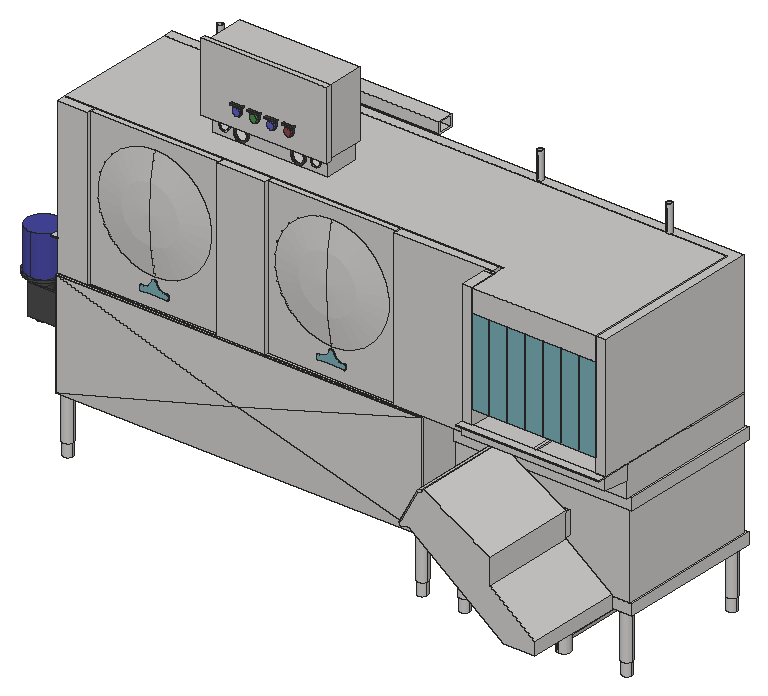
Revit family
Parameters (values of type "208/60/3")
  Width = 8' - 4"
  Weight in Pounds = 1800
  Watts = 25000 W
  Watermarked By = "http://revitwatermark.com"
  Waste Water Discharge Temperature [instance] = -459.67 °F
  Volts = 208 V
  Ventilation Remarks [instance] = ""
  URL Cutsheet = ""
  URL = "www.stero.com"
  Total Height = 5' - 10 1/2"
  Table Height = 2' - 10"
  Swing Doors [instance] = no
  Status [instance] = ""
  Standard Doors [instance] = not(Swing Doors)  # yes
  Specification by User [instance] = ""
  Specification by Manufacturer = ""
  Single Door Opening [instance] = if(Swing Doors, 2' 0", 1' 10 1/2")  # 1' - 10 1/2"
  Serial Number [instance] = ""
  Seismic Rating [instance] = ""
  SMACNA No [instance] = ""
  Right Ventilation Remarks [instance] = ""
  Right Vent [instance] = no
  Right Exhaust Volume [instance] = if(Right Vent, 200 CFM, 0 CFM)  # 0 CFM
  Right Exhaust Vent Width = 2' - 0 7/8"
  Right Exhaust Vent Text = "Vent, Load End"
  Right Exhaust Vent Depth = 0' - 3 7/8"
  Right Exhaust Static Press = 0.00 in-wg
  Right Exhaust RI Height [instance] = 0' - 0"
  Right Exhaust Item Number [instance] = "-"
  Right Drain [instance] = no
  Revision Code [instance] = ""
  Plumbing Remarks [instance] = ""
  Plumbing Connection Type [instance] = ""
  Phase = 3
  Number of Poles [instance] = 1
  No Left Vent [instance] = not(Left Vent)  # yes
  NAFEM Spec ID Number [instance] = ""
  Model = "ER-94SC"
  Masterspec = ""
  Manufacturer = "Stero"
  Machine Height = 4' - 7 1/2"
  Left Vent [instance] = no
  Left Drain [instance] = not(Right Drain)  # yes
  Item Number [instance] = "-"
  Installed By [instance] = ""
  Indirect Waste Size = 2"
  Indirect Waste Flow [instance] = 0.00 GPM
  Indirect Waste Connection Type [instance] = ""
  Indirect Waste Connection Height = 0' - 6"
  Hot Water Usage Rack = "- Gal/Rack"  # constant formula
  Hot Water Usage = "120.6 GPH"  # constant formula
  Hot Water Temperature = 180 °F
  Hot Water Size = 3/4"
  Hot Water RI Height [instance] = 0' - 0"
  Hot Water Minimum Pressure = 20.00 psi
  Hot Water Maximum Pressure = 20.00 psi
  Hot Water Flow = 2.01 GPM
  Hot Water Consumption = 2.01 GPM
  Hot Water Connection Height = 5' - 0"
  HP = "4.25"
  Furnished By [instance] = ""
  Foodservice Equipment Identifier [instance] = yes
  FL Amps = 83.6 A
  Exhaust Volume [instance] = if(Left Vent, 400 CFM, 0 CFM)  # 0 CFM
  Exhaust Vent Width = 0' - 3 7/8"
  Exhaust Vent Text = "Vent, Unload End"
  Exhaust Vent Depth = 2' - 0 7/8"
  Exhaust Static Press = 0.00 in-wg
  Exhaust RI Height [instance] = 0' - 0"
  Electrical Remarks [instance] = ""
  Electric Connection Type [instance] = ""
  Elec Conn RI Height [instance] = 0' - 0"
  Elec Conn Connection Height = 5' - 8 1/2"
  Description = "Dishwasher, Conveyor"
  Depth = 2' - 1"
  Cycle = 60 Hz
  Conn Conduit = yes
  Cold Water Temperature Recommended [instance] = -459.67 °F
  Cold Water Size = 3/4"
  Cold Water RI Height [instance] = 0' - 0"
  Cold Water Minimum Pressure [instance] = 0.00 psi
  Cold Water Maximum Pressure [instance] = 0.00 psi
  Cold Water Flow [instance] = 0.00 GPM
  Cold Water Consumption [instance] = ""
  Cold Water Connection Height = 5' - 0"
  CSI MasterFormat = "11 48 13"
  Building Plumbing Remarks [instance] = ""
  Building Hot Water Temperature = 140 °F
  Building Hot Water Size = 3/4"
  Building Hot Water RI Height [instance] = 0' - 0"
  Building Hot Water Minimum Pressure [instance] = 20.00 psi
  Building Hot Water Maximum Pressure [instance] = 20.00 psi
  Building Hot Water Flow [instance] = 0.00 GPM
  Building Hot Water Consumption [instance] = 2.00 GPM
  Building Hot Water Connection Height = 5' - 0"
  Building HW Item Number [instance] = "-"
  Assembly Code = "E1090320"
  Apparent Power = if(Phase = 3, Volts * FL Amps * 1.73, Volts * FL Amps)  # 30082.6 VA
Reference planes (in)
  plane 1: z = 0
  plane 2 "LEFT": x = 2.32772
  plane 3 "BACK": y = -48
  plane 4 "TOP": z = 70.5
  plane 5 "Right of Main Body": x = 66.32772
  plane 6 "FRONT": y = -73
  plane 7 "Left of Top": x = 2.57772
  plane 8 "Right of Top": x = 66.07772
  plane 9 "Left of Ledge": x = 1.07772
  plane 10 "Left End Cowl": x = -7.67228
  plane 11: x = -0.73478
  plane 12 "Bottom of Machine": z = 10
  plane 13 "Table Height": z = 34
  plane 14 "Top of Machine": z = 55.5
  plane 15 "Panel Top": z = 28.5
  plane 16: z = 12
  plane 17: y = -73.5
  plane 18: y = -47.5
  plane 19: x = 2.07772
  plane 20: x = 66.57772
  plane 21: y = -49.625
  plane 22: y = -71.375
  plane 23 "Door Center": x = 34.32772
  plane 24: x = 7.57772
  plane 25: x = 30.07772
  plane 26 "Top of Opening": z = 51.5
  plane 27: z = 2.25
  plane 28: x = 24.32772
  plane 29: x = 44.32772
  plane 30: x = 23.32772
  plane 31: x = 45.32772
  plane 32 "Front of Lower Panel": y = -66.5
  plane 33: y = -60.5
  plane 34: y = -67
  plane 35 "Back of Panel": y = -60
  plane 36 "Front of Upper Panel": y = -68
  plane 37: x = 23.82772
  plane 38: x = 44.82772
  plane 39: x = -7.54728
  plane 40: x = -4.60978
  plane 41: y = -48.0625
  plane 42: y = -72.9375
  plane 43 "Top of Vents": z = 59.5
  plane 44: x = 19.82772
  plane 45: x = 48.82772
  plane 46: y = -45
  plane 47: z = 57.5
  plane 48: y = -43
  plane 49: z = 84.5
  plane 50: x = 38.57772
  plane 51: x = 61.07772
  plane 52: x = 7.82772
  plane 53: x = 29.95272
  plane 54: x = 28.64022
  plane 55: x = 38.70272
  plane 56: x = 40.01522
  plane 57: x = 60.82772
  plane 58 "RIGHT": x = 102.32772
  plane 59: y = -77.75
  plane 60: y = -91
Forms (in)
  Extrusion 1, solid, material "QF_Finishes_Stainless Steel"
    sketch origin (0, 0, 10) x (0, 1, 0) y (-1, 0, 0)
      loop
        line (-47.5, -2.07772) -> (-73, -2.07772) -> (-73, -66.57772) -> (-47.5, -66.57772) -> (-47.5, -2.07772)
    from 0 to 2
  Extrusion 2, solid, material "QF_Finishes_Stainless Steel"
    sketch origin (0, 0, 28.5) x (0, 1, 0) y (-1, 0, 0)
      loop
        line (-48, -2.32772) -> (-73, -2.32772) -> (-73, -66.32772) -> (-48, -66.32772) -> (-48, -2.32772)
    from 0 to -16.5
  Extrusion 3, solid, material "QF_Finishes_Stainless Steel"
    sketch origin (0, 0, 34) x (0, 1, 0) y (-1, 0, 0)
      loop
        line (-48, -2.32772) -> (-48, -1.07772) -> (-73, -1.07772) -> (-73, -2.32772) -> (-48, -2.32772)
    from 0 to -0.125
  Extrusion 4, solid, material "QF_Finishes_Stainless Steel"
    sketch origin (0.625, 0, 34) x (0, 1, 0) y (-1, 0, 0)
      loop
        line (-48, -1.70272) -> (-71.375, -1.70272) -> (-71.375, -76.70272) -> (-73.5, -76.70272) -> (-73.5, -101.70272) -> (-48, -101.70272) -> (-48, -1.70272)
    from -0.25 to -5.5
  Extrusion 5, solid, material "QF_Finishes_Stainless Steel"
    sketch origin (0, -73, 0) x (-1, 0, 0) y (0, 0, 1)
      loop
        line (-2.32772, 55.5) -> (-7.57772, 55.5) -> (-7.57772, 28.5) -> (-2.32772, 28.5) -> (-2.32772, 55.5)
    from 0 to 1.625
  Blend 6, solid, material "QF_Finishes_Stainless Steel"
    base sketch origin (-15.01335, -74, 48) x (-1, 0, 0) y (0, 0, 1)
      loop
        line (-17.34107, -19.5) -> (-81.34107, -19.5) -> (-81.34107, -38) -> (-17.34107, -38) -> (-17.34107, -19.5)
    top sketch origin (-15.01335, -74, 48) x (-1, 0, 0) y (0, 0, 1)
      loop
        line (-49.37232, -28.71875) -> (-49.37232, -28.78125) -> (-49.30982, -28.78125) -> (-49.30982, -28.71875) -> (-49.37232, -28.71875)
    from 0.5 to 0
  Extrusion 7, solid, material "QF_Finishes_Stainless Steel"
    sketch origin (0, 0, 10) x (0, 1, 0) y (-1, 0, 0)
      loop
        line (-73, -2.32772) -> (-73.5, -2.32772) -> (-73.5, -66.32772) -> (-73, -66.32772) -> (-73, -2.32772)
    from 0 to 18.5
  Extrusion 8, solid, material "QF_Finishes_Stainless Steel"
    sketch origin (0, -73, 0) x (-1, 0, 0) y (0, 0, 1)
      loop
        line (-61.07772, 55.5) -> (-78.32772, 55.5) -> (-78.32772, 28.5) -> (-61.07772, 28.5) -> (-61.07772, 55.5)
    from 0 to 1.625
  Extrusion 9, solid, material "QF_Finishes_Stainless Steel", visible <- "Standard Doors"
    sketch origin (-15.5, 0, 55.5) x (0, 1, 0) y (-1, 0, 0)
      loop
        line (-71.375, -23.07772) -> (-72.5, -23.07772) -> (-72.5, -45.57772) -> (-71.375, -45.57772) -> (-71.375, -23.07772)
    from 0 to -27
  Extrusion 10, solid, material "QF_Finishes_Stainless Steel"
    sketch origin (0, 0, 0) x (1, 0, 0) y (0, 1, 0)
      loop
        circle (3.32772, -49) r 0.8125
    from 0 to 2.25
  Extrusion 11, solid, material "QF_Finishes_Stainless Steel"
    sketch origin (0, 0, 0) x (1, 0, 0) y (0, 1, 0)
      loop
        circle (3.32772, -49) r 0.9375
    from 2.25 to 10
  Extrusion 12, solid, material "QF_Finishes_Stainless Steel"
    sketch origin (48.65544, 0, 0) x (-1, 0, 0) y (0, -1, 0)
      loop
        circle (-16.67228, 49) r 0.8125
    from 0 to 2.25
  Extrusion 13, solid, material "QF_Finishes_Stainless Steel"
    sketch origin (48.65544, 0, 0) x (-1, 0, 0) y (0, -1, 0)
      loop
        circle (-16.67228, 49) r 0.9375
    from 2.25 to 10
  Extrusion 14, solid, material "QF_Finishes_Stainless Steel"
    sketch origin (0, -121, 0) x (1, 0, 0) y (0, 1, 0)
      loop
        circle (3.32772, 49) r 0.8125
    from 0 to 2.25
  Extrusion 15, solid, material "QF_Finishes_Stainless Steel"
    sketch origin (0, -121, 0) x (1, 0, 0) y (0, 1, 0)
      loop
        circle (3.32772, 49) r 0.9375
    from 2.25 to 10
  Extrusion 16, solid, material "QF_Finishes_Stainless Steel"
    sketch origin (48.65544, -121, 0) x (-1, 0, 0) y (0, -1, 0)
      loop
        circle (-16.67228, -49) r 0.8125
    from 0 to 2.25
  Extrusion 17, solid, material "QF_Finishes_Stainless Steel"
    sketch origin (48.65544, -121, 0) x (-1, 0, 0) y (0, -1, 0)
      loop
        circle (-16.67228, -49) r 0.9375
    from 2.25 to 10
  Extrusion 18, solid, material "QF_Finishes_Light Blue"
    sketch origin (48.65544, 0, 51.5) x (0, 1, 0) y (-1, 0, 0)
      loop
        line (-49.625, 46.32772) -> (-52.625, 46.32772) -> (-52.625, 46.20272) -> (-49.625, 46.20272) -> (-49.625, 46.32772)
      loop
        line (-52.75, 46.32772) -> (-55.75, 46.32772) -> (-55.75, 46.20272) -> (-52.75, 46.20272) -> (-52.75, 46.32772)
      loop
        line (-55.875, 46.32772) -> (-58.875, 46.32772) -> (-58.875, 46.20272) -> (-55.875, 46.20272) -> (-55.875, 46.32772)
      loop
        line (-59, 46.32772) -> (-62, 46.32772) -> (-62, 46.20272) -> (-59, 46.20272) -> (-59, 46.32772)
      loop
        line (-62.125, 46.32772) -> (-65.125, 46.32772) -> (-65.125, 46.20272) -> (-62.125, 46.20272) -> (-62.125, 46.32772)
      loop
        line (-65.25, 46.32772) -> (-68.25, 46.32772) -> (-68.25, 46.20272) -> (-65.25, 46.20272) -> (-65.25, 46.32772)
      loop
        line (-68.375, 46.32772) -> (-71.375, 46.32772) -> (-71.375, 46.20272) -> (-68.375, 46.20272) -> (-68.375, 46.32772)
    from 0 to -15
  Extrusion 19, solid, material "QF_Finishes_Stainless Steel"
    sketch origin (0, 0, 55.5) x (0, 1, 0) y (-1, 0, 0)
      loop
        line (-60.5, -24.32772) -> (-66.5, -24.32772) -> (-66.5, -44.32772) -> (-60.5, -44.32772) -> (-60.5, -24.32772)
    from 0 to 3.5
  Extrusion 20, solid, material "QF_Finishes_Stainless Steel"
    sketch origin (0, 0, 55.5) x (0, 1, 0) y (-1, 0, 0)
      loop
        line (-60, -23.82772) -> (-67, -23.82772) -> (-67, -44.82772) -> (-60, -44.82772) -> (-60, -23.82772)
    from 3 to 14.5
  Extrusion 21, solid, material "QF_Finishes_Stainless Steel"
    sketch origin (0, 0, 55.5) x (0, 1, 0) y (-1, 0, 0)
      loop
        line (-67, -23.32772) -> (-68, -23.32772) -> (-68, -45.32772) -> (-67, -45.32772) -> (-67, -23.32772)
    from 3 to 15
  Extrusion 22, solid, material "QF_Finishes_Black"
    sketch origin (0, -66.5, 0) x (-1, 0, 0) y (0, 0, 1)
      loop
        circle (-29.32772, 57) r 1.25
      loop
        circle (-29.32772, 57) r 1
    from 0 to -0.25
  Extrusion 23, solid, material "QF_Finishes_Stainless Steel"
    sketch origin (0, -66.5, 0) x (-1, 0, 0) y (0, 0, 1)
      loop
        circle (-26.32772, 57.25) r 0.75
      loop
        circle (-26.32772, 57.25) r 0.875
    from 0 to -0.125
  Extrusion 24, solid, material "QF_Finishes_White"
    sketch origin (0, -66.5, 0) x (-1, 0, 0) y (0, 0, 1)
      loop
        circle (-26.32772, 57.25) r 0.75
    from 0 to -0.0625
  Extrusion 25, solid, material "QF_Finishes_White"
    sketch origin (0, -66.5, 0) x (-1, 0, 0) y (0, 0, 1)
      loop
        circle (-29.32772, 57) r 1
    from 0 to -0.0625
  Extrusion 26, solid, material "QF_Finishes_Black"
    sketch origin (48.65544, -66.5, 0) x (1, 0, 0) y (0, 0, -1)
      loop
        circle (-9.32772, -57) r 1.25
      loop
        circle (-9.32772, -57) r 1
    from 0 to -0.25
  Extrusion 27, solid, material "QF_Finishes_Stainless Steel"
    sketch origin (48.65544, -66.5, 0) x (1, 0, 0) y (0, 0, -1)
      loop
        circle (-6.32772, -57.25) r 0.75
      loop
        circle (-6.32772, -57.25) r 0.875
    from 0 to -0.125
  Extrusion 28, solid, material "QF_Finishes_White"
    sketch origin (48.65544, -66.5, 0) x (1, 0, 0) y (0, 0, -1)
      loop
        circle (-6.32772, -57.25) r 0.75
    from 0 to -0.0625
  Extrusion 29, solid, material "QF_Finishes_White"
    sketch origin (48.65544, -66.5, 0) x (1, 0, 0) y (0, 0, -1)
      loop
        circle (-9.32772, -57) r 1
    from 0 to -0.0625
  Extrusion 30, solid, material "QF_Finishes_Black"
    sketch origin (0, -68, 0) x (-1, 0, 0) y (0, 0, 1)
      loop
        line (-33.82772, 62.5) -> (-33.82772, 62.25) -> (-31.82772, 62.25) -> (-31.82772, 62.5) -> (-33.82772, 62.5)
      loop
        line (-30.82772, 62.5) -> (-30.82772, 62.25) -> (-28.82772, 62.25) -> (-28.82772, 62.5) -> (-30.82772, 62.5)
      loop
        line (-34.82772, 62.5) -> (-36.82772, 62.5) -> (-36.82772, 62.25) -> (-34.82772, 62.25) -> (-34.82772, 62.5)
      loop
        line (-37.82772, 62.5) -> (-39.82772, 62.5) -> (-39.82772, 62.25) -> (-37.82772, 62.25) -> (-37.82772, 62.5)
    from 0 to -0.5
  Extrusion 31, solid, material "QF_Finishes_Navy Blue"
    sketch origin (0, -68, 0) x (-1, 0, 0) y (0, 0, 1)
      loop
        circle (-29.82772, 61.375) r 0.625
    from -0.125 to -0.375
  Extrusion 32, solid, material "QF_Finishes_LED Green"
    sketch origin (3, -68, 0) x (-1, 0, 0) y (0, 0, 1)
      loop
        circle (-29.82772, 61.375) r 0.625
    from -0.125 to -0.375
  Extrusion 33, solid, material "QF_Finishes_Navy Blue"
    sketch origin (6, -68, 0) x (-1, 0, 0) y (0, 0, 1)
      loop
        circle (-29.82772, 61.375) r 0.625
    from -0.125 to -0.375
  Extrusion 34, solid, material "QF_Finishes_LED Red"
    sketch origin (9, -68, 0) x (-1, 0, 0) y (0, 0, 1)
      loop
        circle (-29.82772, 61.375) r 0.625
    from -0.125 to -0.375
  Extrusion 35, solid, material "QF_Finishes_Black"
    sketch origin (0, -68, 0) x (-1, 0, 0) y (0, 0, 1)
      loop
        arc (-30.57772, 61.375) -> (-29.82772, 60.625) -> (-29.07772, 61.375) r 0.75
        line (-29.07772, 61.375) -> (-29.07772, 62.25) -> (-30.57772, 62.25) -> (-30.57772, 61.375)
      loop
        arc (-33.57772, 61.375) -> (-32.82772, 60.625) -> (-32.07772, 61.375) r 0.75
        line (-32.07772, 61.375) -> (-32.07772, 62.25) -> (-33.57772, 62.25) -> (-33.57772, 61.375)
      loop
        arc (-36.57772, 61.375) -> (-35.82772, 60.625) -> (-35.07772, 61.375) r 0.75
        line (-35.07772, 61.375) -> (-35.07772, 62.25) -> (-36.57772, 62.25) -> (-36.57772, 61.375)
      loop
        arc (-39.57772, 61.375) -> (-38.82772, 60.625) -> (-38.07772, 61.375) r 0.75
        line (-38.07772, 61.375) -> (-38.07772, 62.25) -> (-39.57772, 62.25) -> (-39.57772, 61.375)
    from 0 to -0.125
  Extrusion 36, solid, material "QF_Finishes_Light Blue", visible <- "Standard Doors"
    sketch origin (-15.5, -73, 0) x (-1, 0, 0) y (0, 0, 1)
      loop
        line (-33.71645, 30.65632) -> (-32.08461, 30.57309)
        arc (-32.08461, 30.57309) -> (-31.90443, 30.64773) -> (-31.82979, 30.82792) r 0.25483
        line (-31.82979, 30.82792) -> (-31.82979, 31.31285)
        arc (-31.82979, 31.31285) -> (-31.90343, 31.49062) -> (-32.08121, 31.56426) r 0.25142
        arc (-32.08121, 31.56426) -> (-33.22593, 31.7803) -> (-33.90311, 32.72819) r 1.56264
        arc (-33.90311, 32.72819) -> (-34.31726, 33.06213) -> (-34.74741, 32.74907) r 0.43733
        arc (-34.74741, 32.74907) -> (-35.42049, 31.78611) -> (-36.57423, 31.56426) r 1.56264
        arc (-36.57423, 31.56426) -> (-36.75201, 31.49062) -> (-36.82565, 31.31285) r 0.25142
        line (-36.82565, 31.31285) -> (-36.82565, 30.82792)
        arc (-36.82565, 30.82792) -> (-36.75101, 30.64773) -> (-36.57082, 30.57309) r 0.25483
        line (-36.57082, 30.57309) -> (-34.93898, 30.65632)
        arc (-34.93898, 30.65632) -> (-34.32772, 30.6719) -> (-33.71645, 30.65632) r 12
    from 0.5 to 0.4375
  Extrusion 37, solid, material "QF_Finishes_Stainless Steel", visible <- "Left Vent"
    sketch origin (2.57772, 0, 0) x (0, 1, 0) y (0, 0, 1)
      loop
        line (-73, 55.5) -> (-73, 39.125) -> (-71.375, 37.5) -> (-71.375, 37.67678) -> (-72.875, 39.17678) -> (-72.875, 55.375) -> (-48.125, 55.375) -> (-48.125, 50.61428) -> (-49.625, 49.11428) -> (-49.625, 48.9375) -> (-48, 50.5625) -> (-48, 55.5) -> (-73, 55.5)
    from -0.25 to -10.125
  Extrusion 38, solid, material "QF_Finishes_Stainless Steel", visible <- "Left Vent"
    sketch origin (-7.67228, 0, 0) x (0, 1, 0) y (0, 0, 1)
      loop
        line (-71.375, 37.5) -> (-71.375, 51.5) -> (-49.625, 51.5) -> (-49.625, 48.9375) -> (-48, 50.5625) -> (-48, 55.5) -> (-73, 55.5) -> (-73, 39.125) -> (-71.375, 37.5)
    from 0 to 0.125
  Extrusion 39, solid, material "QF_Finishes_Stainless Steel", visible <- "Left Vent"
    sketch origin (0, 0, 55.5) x (0, 1, 0) y (-1, 0, 0)
      loop
        line (-48.0625, 4.60978) -> (-72.9375, 4.60978) -> (-72.9375, 0.73478) -> (-48.0625, 0.73478) -> (-48.0625, 4.60978)
      loop
        line (-48.1875, 4.48478) -> (-72.8125, 4.48478) -> (-72.8125, 0.85978) -> (-48.1875, 0.85978) -> (-48.1875, 4.48478)
    from 0 to 4
  Extrusion 40, void
    sketch origin (0, 0, 55.5) x (0, 1, 0) y (-1, 0, 0)
      loop
        line (-48.1875, 4.48478) -> (-72.8125, 4.48478) -> (-72.8125, 0.85978) -> (-48.1875, 0.85978) -> (-48.1875, 4.48478)
    from 0 to -0.125
  Extrusion 41, solid, material "QF_Finishes_Stainless Steel"
    sketch origin (0, 0, 55.5) x (0, 1, 0) y (-1, 0, 0)
      loop
        circle (-48.75, -11.32772) r 0.375
      loop
        circle (-48.75, -11.32772) r 0.5
    from 0 to 4.5
  Extrusion 42, solid, material "QF_Finishes_Stainless Steel"
    sketch origin (2.32772, 0, 0) x (0, 1, 0) y (0, 0, 1)
      loop
        line (-45, 57.5) -> (-47.75, 57.5) -> (-47.75, 55.5) -> (-45, 55.5) -> (-45, 57.5)
      loop
        line (-45.125, 57.375) -> (-47.625, 57.375) -> (-47.625, 55.625) -> (-45.125, 55.625) -> (-45.125, 57.375)
    from 17.5 to 46.5
  Extrusion 43, solid, material "QF_Finishes_Stainless Steel"
    sketch origin (2.32772, 0, 0) x (0, 1, 0) y (0, 0, 1)
      loop
        line (-47.75, 55.5) -> (-47.75, 55.625) -> (-48, 55.625) -> (-48, 55.5) -> (-47.75, 55.5)
    from 17.5 to 46.5
  Extrusion 44, solid, material "QF_Finishes_Stainless Steel"
    sketch origin (0, -60, 0) x (-1, 0, 0) y (0, 0, 1)
      loop
        circle (-44.32772, 68.5) r 0.25
    from 0 to 0.0625
  Extrusion 45, solid, material "QF_Finishes_Stainless Steel"
    sketch origin (0, -1.5, 10) x (0, 1, 0) y (-1, 0, 0)
      loop
        circle (-50, -7.32772) r 1
      loop
        circle (-50, -7.32772) r 1.125
    from 0 to -4
  Extrusion 46, solid, material "QF_Finishes_Clearance", detail levels coarse
    sketch origin (0, 0, 0) x (1, 0, 0) y (0, 1, 0)
      loop
        line (1.07772, -47.5) -> (19.82772, -47.5) -> (19.82772, -45) -> (48.82772, -45) -> (48.82772, -47.5) -> (102.95272, -47.5) -> (102.95272, -43) -> (1.07772, -43) -> (1.07772, -47.5)
    from 0 to 70.5
  Extrusion 47, solid, material "QF_Finishes_Clearance", visible <- "Standard Doors", detail levels coarse
    sketch origin (-15.5, -73, 0) x (-1, 0, 0) y (0, 0, 1)
      loop
        line (-23.07772, 84.5) -> (-45.57772, 84.5) -> (-45.57772, 55.5) -> (-23.07772, 55.5) -> (-23.07772, 84.5)
    from 0 to 1.625
  Extrusion 48, solid, material "QF_Finishes_Clearance", visible <- "Left Vent", detail levels coarse
    sketch origin (0, 0, 0) x (1, 0, 0) y (0, 1, 0)
      loop
        line (-7.67228, -43) -> (-7.67228, -47.5) -> (1.07772, -47.5) -> (1.07772, -43) -> (-7.67228, -43)
    from 0 to 70.5
  Revolve 49, solid, material "QF_Finishes_Stainless Steel", visible <- "Standard Doors"
    sketch origin (18.82772, 0, 0) x (0, 1, 0) y (0, 0, 1)
      loop
        line (-72.5, 43.5) -> (-72.5, 53.5)
        arc (-72.5, 53.5) -> (-73.26244, 48.52624) -> (-73.5, 43.5) r 48
        line (-73.5, 43.5) -> (-72.5, 43.5)
      axis (-72.5, 43.5) -> (-73.5, 43.5)
    angle from 0 to 360
  Extrusion 50, solid, material "QF_Finishes_Stainless Steel", visible <- "Standard Doors"
    sketch origin (14.5, 0, 55.5) x (0, 1, 0) y (-1, 0, 0)
      loop
        line (-71.375, -24.07772) -> (-72.5, -24.07772) -> (-72.5, -46.57772) -> (-71.375, -46.57772) -> (-71.375, -24.07772)
    from 0 to -27
  Extrusion 51, solid, material "QF_Finishes_Light Blue", visible <- "Standard Doors"
    sketch origin (15.5, -73, 0) x (-1, 0, 0) y (0, 0, 1)
      loop
        line (-33.71645, 30.65632) -> (-32.08461, 30.57309)
        arc (-32.08461, 30.57309) -> (-31.90443, 30.64773) -> (-31.82979, 30.82792) r 0.25483
        line (-31.82979, 30.82792) -> (-31.82979, 31.31285)
        arc (-31.82979, 31.31285) -> (-31.90343, 31.49062) -> (-32.08121, 31.56426) r 0.25142
        arc (-32.08121, 31.56426) -> (-33.22593, 31.7803) -> (-33.90311, 32.72819) r 1.56264
        arc (-33.90311, 32.72819) -> (-34.31726, 33.06213) -> (-34.74741, 32.74907) r 0.43733
        arc (-34.74741, 32.74907) -> (-35.42049, 31.78611) -> (-36.57423, 31.56426) r 1.56264
        arc (-36.57423, 31.56426) -> (-36.75201, 31.49062) -> (-36.82565, 31.31285) r 0.25142
        line (-36.82565, 31.31285) -> (-36.82565, 30.82792)
        arc (-36.82565, 30.82792) -> (-36.75101, 30.64773) -> (-36.57082, 30.57309) r 0.25483
        line (-36.57082, 30.57309) -> (-34.93898, 30.65632)
        arc (-34.93898, 30.65632) -> (-34.32772, 30.6719) -> (-33.71645, 30.65632) r 12
    from 0.5 to 0.4375
  Extrusion 52, solid, material "QF_Finishes_Clearance", visible <- "Standard Doors", detail levels coarse
    sketch origin (14.5, -73, 0) x (-1, 0, 0) y (0, 0, 1)
      loop
        line (-24.07772, 84.5) -> (-46.57772, 84.5) -> (-46.57772, 55.5) -> (-24.07772, 55.5) -> (-24.07772, 84.5)
    from 0 to 1.625
  Revolve 53, solid, material "QF_Finishes_Stainless Steel", visible <- "Standard Doors"
    sketch origin (49.82772, 0, 0) x (0, 1, 0) y (0, 0, 1)
      loop
        line (-72.5, 43.5) -> (-72.5, 53.5)
        arc (-72.5, 53.5) -> (-73.26244, 48.52624) -> (-73.5, 43.5) r 48
        line (-73.5, 43.5) -> (-72.5, 43.5)
      axis (-72.5, 43.5) -> (-73.5, 43.5)
    angle from 0 to 360
  Extrusion 54, solid, material "QF_Finishes_Stainless Steel"
    sketch origin (-29, -73, 0) x (-1, 0, 0) y (0, 0, 1)
      loop
        line (-59.07772, 55.5) -> (-67.57772, 55.5) -> (-67.57772, 28.5) -> (-59.07772, 28.5) -> (-59.07772, 55.5)
    from 0 to 1.625
  Extrusion 55, solid, material "QF_Finishes_Stainless Steel"
    sketch origin (-44, 0, 55.5) x (0, 1, 0) y (-1, 0, 0)
      loop
        circle (-48.75, -111.32772) r 0.375
      loop
        circle (-48.75, -111.32772) r 0.5
    from 0 to 4.5
  Extrusion 56, solid, material "QF_Finishes_Stainless Steel", visible <- "Right Drain"
    sketch origin (0, -1.5, 0) x (1, 0, 0) y (0, 1, 0)
      loop
        circle (7.32772, -50) r 1
    from 6 to 6.25
  Extrusion 57, solid, material "QF_Finishes_Black"
    sketch origin (68.65544, -73, 0) x (1, 0, 0) y (0, 0, -1)
      loop
        line (-66.57772, -12) -> (-66.57772, -10.9375) -> (-67.70272, -10.9375) -> (-67.70272, -23.9375) -> (-66.32772, -23.9375) -> (-66.32772, -12) -> (-66.57772, -12)
    from 1.8125 to 7.8125
  Extrusion 58, solid, material "QF_Finishes_Black"
    sketch origin (68.65544, 0, 10) x (0, 1, 0) y (-1, 0, 0)
      loop
        arc (-66.875, 72.57772) -> (-68.1875, 71.26522) -> (-69.5, 72.57772) r 1.3125
        line (-69.5, 72.57772) -> (-69.5, 67.95272) -> (-66.875, 67.95272) -> (-66.875, 72.57772)
      loop
        line (-69.75, 74.20272) -> (-69.75, 67.70272) -> (-66.625, 67.70272) -> (-66.625, 74.20272) -> (-69.75, 74.20272)
    from 7.6875 to 12.9375
  Extrusion 59, solid, material "QF_Finishes_Black"
    sketch origin (68.65544, 0, 10) x (0, 1, 0) y (-1, 0, 0)
      loop
        circle (-68.1875, 72.57772) r 1.0625
    from 7.1875 to 7.6875
  Extrusion 60, solid, material "QF_Finishes_Black"
    sketch origin (68.65544, 0, 10) x (0, 1, 0) y (-1, 0, 0)
      loop
        circle (-68.1875, 72.57772) r 1.3125
    from 12.9375 to 13.4375
  Blend 61, solid, material "QF_Finishes_Black"
    base sketch origin (68.65544, 0, 10) x (0, 1, 0) y (-1, 0, 0)
      loop
        circle (-68.1875, 72.57772) r 1.3125
    top sketch origin (68.65544, 0, 10) x (0, 1, 0) y (-1, 0, 0)
      loop
        circle (-68.1875, 72.57772) r 2.0625
    from 13.4375 to 14.4375
  Extrusion 62, solid, material "QF_Finishes_Black"
    sketch origin (68.65544, 0, 10) x (0, 1, 0) y (-1, 0, 0)
      loop
        circle (-68.1875, 72.57772) r 3.25
    from 14.4375 to 14.8125
  Extrusion 63, solid, material "QF_Finishes_Blue"
    sketch origin (68.65544, 0, 10) x (0, 1, 0) y (-1, 0, 0)
      loop
        circle (-68.1875, 72.57772) r 2.875
    from 14.8125 to 21.9375
  Extrusion 64, solid, material "QF_Finishes_Black"
    sketch origin (68.65544, -73, 0) x (1, 0, 0) y (0, 0, -1)
      loop
        line (-66.32772, -33.1875) -> (-66.32772, -31.6875) -> (-71.82772, -31.6875) -> (-71.82772, -33.1875) -> (-66.32772, -33.1875)
      loop
        circle (-70.57772, -32.4375) r 0.375
    from 12.3125 to 12.6875
  Extrusion 65, solid, material "QF_Finishes_Black"
    sketch origin (68.65544, -73, 0) x (1, 0, 0) y (0, 0, -1)
      loop
        line (-66.32772, -12) -> (-66.57772, -12) -> (-66.57772, -8.4375) -> (-69.07772, -8.4375) -> (-69.07772, -12.4375) -> (-66.32772, -12.4375) -> (-66.32772, -12)
    from 7 to 18
  Extrusion 66, solid, material "QF_Finishes_Black"
    sketch origin (68.65544, -73, 0) x (1, 0, 0) y (0, 0, -1)
      loop
        line (-69.07772, -12.125) -> (-69.07772, -8.75) -> (-69.32772, -8.75)
        arc (-69.32772, -8.75) -> (-69.5045, -8.82322) -> (-69.57772, -9) r 0.25
        line (-69.57772, -9) -> (-69.57772, -9.3125)
        arc (-69.57772, -9.3125) -> (-69.68755, -9.57767) -> (-69.95272, -9.6875) r 0.375
        line (-69.95272, -9.6875) -> (-70.57772, -9.6875)
        arc (-70.57772, -9.6875) -> (-71.32772, -10.4375) -> (-70.57772, -11.1875) r 0.75
        line (-70.57772, -11.1875) -> (-69.95272, -11.1875)
        arc (-69.95272, -11.1875) -> (-69.68755, -11.29733) -> (-69.57772, -11.5625) r 0.375
        line (-69.57772, -11.5625) -> (-69.57772, -11.875)
        arc (-69.57772, -11.875) -> (-69.5045, -12.05178) -> (-69.32772, -12.125) r 0.25
        line (-69.32772, -12.125) -> (-69.07772, -12.125)
      loop
        circle (-70.57772, -10.4375) r 0.5
    from 9.375 to 9.5
  Extrusion 67, solid, material "QF_Finishes_Black"
    sketch origin (68.65544, -66.875, 0) x (1, 0, 0) y (0, 0, -1)
      loop
        line (-69.07772, -12.125) -> (-69.07772, -8.75) -> (-69.32772, -8.75)
        arc (-69.32772, -8.75) -> (-69.5045, -8.82322) -> (-69.57772, -9) r 0.25
        line (-69.57772, -9) -> (-69.57772, -9.3125)
        arc (-69.57772, -9.3125) -> (-69.68755, -9.57767) -> (-69.95272, -9.6875) r 0.375
        line (-69.95272, -9.6875) -> (-70.57772, -9.6875)
        arc (-70.57772, -9.6875) -> (-71.32772, -10.4375) -> (-70.57772, -11.1875) r 0.75
        line (-70.57772, -11.1875) -> (-69.95272, -11.1875)
        arc (-69.95272, -11.1875) -> (-69.68755, -11.29733) -> (-69.57772, -11.5625) r 0.375
        line (-69.57772, -11.5625) -> (-69.57772, -11.875)
        arc (-69.57772, -11.875) -> (-69.5045, -12.05178) -> (-69.32772, -12.125) r 0.25
        line (-69.32772, -12.125) -> (-69.07772, -12.125)
      loop
        circle (-70.57772, -10.4375) r 0.5
    from 9.375 to 9.5
  Extrusion 68, solid, material "QF_Finishes_Stainless Steel"
    sketch origin (68.65544, -73, 0) x (1, 0, 0) y (0, 0, -1)
      loop
        circle (-70.57772, -32.4375) r 0.375
      loop
        arc (-71.31584, -32.57045) -> (-70.57772, -33.1875) -> (-69.8396, -32.57045) r 0.75
        line (-69.8396, -32.57045) -> (-69.14022, -28.6875) -> (-72.01522, -28.6875) -> (-71.31584, -32.57045)
    from 11.25 to 11.375
  Extrusion 69, solid, material "QF_Finishes_Stainless Steel"
    sketch origin (68.65544, -48, 0) x (1, 0, 0) y (0, 0, 1)
      loop
        circle (-70.57772, 32.4375) r 0.375
      loop
        line (-71.31584, 32.57045) -> (-72.01522, 28.6875) -> (-69.14022, 28.6875) -> (-69.8396, 32.57045)
        arc (-69.8396, 32.57045) -> (-70.57772, 33.1875) -> (-71.31584, 32.57045) r 0.75
    from 11.25 to 11.375
  Extrusion 70, solid, material "QF_Finishes_Stainless Steel"
    sketch origin (68.65544, -73, 0) x (1, 0, 0) y (0, 0, -1)
      loop
        circle (-70.57772, -32.4375) r 0.375
    from 10.75 to 14.25
  Blend 71, solid, material "QF_Finishes_Stainless Steel"
    base sketch origin (68.65544, 0, 34) x (0, 1, 0) y (-1, 0, 0)
      loop
        line (-58.25, 67.89022) -> (-58.25, 73.01522) -> (-62.75, 73.01522) -> (-62.75, 67.89022) -> (-58.25, 67.89022)
    top sketch origin (68.65544, 0, 34) x (0, 1, 0) y (-1, 0, 0)
      loop
        line (-59.25, 69.14022) -> (-59.25, 72.01522) -> (-61.75, 72.01522) -> (-61.75, 69.14022) -> (-59.25, 69.14022)
    from -14.0625 to -5.3125
  Blend 72, solid, material "QF_Finishes_Stainless Steel"
    base sketch origin (68.65544, 0, 25.25) x (0, 1, 0) y (-1, 0, 0)
      loop
        line (-57.5, 67.14022) -> (-57.5, 73.76522) -> (-63.5, 73.76522) -> (-63.5, 67.14022) -> (-57.5, 67.14022)
    top sketch origin (68.65544, 0, 25.25) x (0, 1, 0) y (-1, 0, 0)
      loop
        line (-58.5, 68.14022) -> (-58.5, 72.76522) -> (-62.5, 72.76522) -> (-62.5, 68.14022) -> (-58.5, 68.14022)
    from -15.5625 to -5.3125
  Extrusion 73, solid, material "QF_Finishes_Stainless Steel"
    sketch origin (68.65544, -73, -22) x (1, 0, 0) y (0, 0, -1)
      loop
        circle (-70.57772, -32.4375) r 0.5
    from 9 to 16
  Extrusion 74, solid, material "QF_Finishes_Black", not visible
    sketch origin (0, -68, 0) x (-1, 0, 0) y (0, 0, 1)
      loop
        line (-33.82772, 62.5) -> (-33.82772, 62.25) -> (-31.82772, 62.25) -> (-31.82772, 62.5) -> (-33.82772, 62.5)
      loop
        line (-30.82772, 62.5) -> (-30.82772, 62.25) -> (-28.82772, 62.25) -> (-28.82772, 62.5) -> (-30.82772, 62.5)
      loop
        line (-34.82772, 62.5) -> (-36.82772, 62.5) -> (-36.82772, 62.25) -> (-34.82772, 62.25) -> (-34.82772, 62.5)
      loop
        line (-37.82772, 62.5) -> (-39.82772, 62.5) -> (-39.82772, 62.25) -> (-37.82772, 62.25) -> (-37.82772, 62.5)
    from 0 to -0.5
  Extrusion 75, solid, material "QF_Finishes_Navy Blue", not visible
    sketch origin (0, -68, 0) x (-1, 0, 0) y (0, 0, 1)
      loop
        circle (-29.82772, 61.375) r 0.625
    from -0.125 to -0.375
  Extrusion 76, solid, material "QF_Finishes_LED Green", not visible
    sketch origin (3, -68, 0) x (-1, 0, 0) y (0, 0, 1)
      loop
        circle (-29.82772, 61.375) r 0.625
    from -0.125 to -0.375
  Extrusion 77, solid, material "QF_Finishes_Navy Blue", not visible
    sketch origin (6, -68, 0) x (-1, 0, 0) y (0, 0, 1)
      loop
        circle (-29.82772, 61.375) r 0.625
    from -0.125 to -0.375
  Extrusion 78, solid, material "QF_Finishes_LED Red", not visible
    sketch origin (9, -68, 0) x (-1, 0, 0) y (0, 0, 1)
      loop
        circle (-29.82772, 61.375) r 0.625
    from -0.125 to -0.375
  Extrusion 79, solid, material "QF_Finishes_Black", not visible
    sketch origin (0, -68, 0) x (-1, 0, 0) y (0, 0, 1)
      loop
        arc (-30.57772, 61.375) -> (-29.82772, 60.625) -> (-29.07772, 61.375) r 0.75
        line (-29.07772, 61.375) -> (-29.07772, 62.25) -> (-30.57772, 62.25) -> (-30.57772, 61.375)
      loop
        arc (-33.57772, 61.375) -> (-32.82772, 60.625) -> (-32.07772, 61.375) r 0.75
        line (-32.07772, 61.375) -> (-32.07772, 62.25) -> (-33.57772, 62.25) -> (-33.57772, 61.375)
      loop
        arc (-36.57772, 61.375) -> (-35.82772, 60.625) -> (-35.07772, 61.375) r 0.75
        line (-35.07772, 61.375) -> (-35.07772, 62.25) -> (-36.57772, 62.25) -> (-36.57772, 61.375)
      loop
        arc (-39.57772, 61.375) -> (-38.82772, 60.625) -> (-38.07772, 61.375) r 0.75
        line (-38.07772, 61.375) -> (-38.07772, 62.25) -> (-39.57772, 62.25) -> (-39.57772, 61.375)
    from 0 to -0.125
  Extrusion 80, solid, material "QF_Finishes_Stainless Steel", visible <- "Swing Doors"
    sketch origin (0, 0, 55.5) x (0, 1, 0) y (-1, 0, 0)
      loop
        line (-71.375, -7.82772) -> (-73, -7.82772) -> (-73, -29.95272) -> (-71.375, -29.95272) -> (-71.375, -7.82772)
    from 0 to -27
  Extrusion 81, solid, material "QF_Finishes_Stainless Steel", visible <- "Swing Doors"
    sketch origin (0, 0, 55.5) x (0, 1, 0) y (-1, 0, 0)
      loop
        line (-71.375, -38.70272) -> (-73, -38.70272) -> (-73, -60.82772) -> (-71.375, -60.82772) -> (-71.375, -38.70272)
    from 0 to -27
  Extrusion 82, solid, material "QF_Finishes_Stainless Steel", visible <- "Swing Doors"
    sketch origin (-5.49663, -0.00245, 52.4375) x (0, 1, 0) y (-1, 0, 0)
      loop
        circle (-73.25, -13.07772) r 0.25
    from 0 to -3
  Extrusion 83, solid, material "QF_Finishes_Stainless Steel", visible <- "Swing Doors"
    sketch origin (-5.49663, -0.00245, 35.8125) x (0, 1, 0) y (-1, 0, 0)
      loop
        circle (-73.25, -13.07772) r 0.25
    from 0 to -3
  Sweep 84, solid, material "QF_Finishes_Stainless Steel", visible <- "Swing Doors"
    path origin (28.64022, -19.02724, 48) x (0, 1, 0) y (0, 0, 1)
      loop
        line (-53.97521, -0.9375) -> (-54.60021, -0.9375)
        arc (-54.60021, -0.9375) -> (-54.95376, -1.08395) -> (-55.10021, -1.4375) r 0.5
        line (-55.10021, -1.4375) -> (-55.10021, -9.6875)
        arc (-55.10021, -9.6875) -> (-54.95376, -10.04105) -> (-54.60021, -10.1875) r 0.5
        line (-54.60021, -10.1875) -> (-53.97521, -10.1875)
    profile origin (28.64022, -73.31495, 47.0625) x (0, 0, -1) y (1, 0, 0)
      loop
        circle (0, 0) r 0.375
  Extrusion 85, solid, material "QF_Finishes_Stainless Steel", visible <- "Swing Doors"
    sketch origin (48.00337, -0.00245, 52.4375) x (0, 1, 0) y (-1, 0, 0)
      loop
        circle (-73.25, -13.07772) r 0.25
    from 0 to -3
  Extrusion 86, solid, material "QF_Finishes_Stainless Steel", visible <- "Swing Doors"
    sketch origin (48.00337, -0.00245, 35.8125) x (0, 1, 0) y (-1, 0, 0)
      loop
        circle (-73.25, -13.07772) r 0.25
    from 0 to -3
  Sweep 87, solid, material "QF_Finishes_Stainless Steel", visible <- "Swing Doors"
    path origin (40.01522, -19.02724, 48) x (0, 1, 0) y (0, 0, 1)
      loop
        line (-53.97521, -0.9375) -> (-54.60021, -0.9375)
        arc (-54.60021, -0.9375) -> (-54.95376, -1.08395) -> (-55.10021, -1.4375) r 0.5
        line (-55.10021, -1.4375) -> (-55.10021, -9.6875)
        arc (-55.10021, -9.6875) -> (-54.95376, -10.04105) -> (-54.60021, -10.1875) r 0.5
        line (-54.60021, -10.1875) -> (-53.97521, -10.1875)
    profile origin (40.01522, -73.31495, 47.0625) x (0, 0, -1) y (1, 0, 0)
      loop
        circle (0, 0) r 0.375
  Extrusion 88, solid, material "QF_Finishes_Stainless Steel"
    sketch origin (20, 0, 34) x (0, 1, 0) y (-1, 0, 0)
      loop
        line (-60.25, 17.67228) -> (-60.75, 17.67228) -> (-60.75, -66.57772)
        arc (-60.75, -66.57772) -> (-61.62868, -68.69904) -> (-63.75, -69.57772) r 3
        line (-63.75, -69.57772) -> (-78.25, -69.57772) -> (-78.25, -70.07772) -> (-63.75, -70.07772)
        arc (-63.75, -70.07772) -> (-61.27513, -69.05259) -> (-60.25, -66.57772) r 3.5
        line (-60.25, -66.57772) -> (-60.25, 17.67228)
      loop
        line (-48, 17.67228) -> (-49.625, 17.67228) -> (-49.625, -80.70272) -> (-78.25, -80.70272) -> (-78.25, -82.32772) -> (-48, -82.32772) -> (-48, 17.67228)
    from 0 to -0.25
  Extrusion 89, solid, material "QF_Finishes_Stainless Steel"
    sketch origin (20, 0, 55.5) x (0, 1, 0) y (-1, 0, 0)
      loop
        line (-49.625, 17.67228) -> (-71.375, 17.67228) -> (-71.375, -58.95272) -> (-78.25, -58.95272) -> (-78.25, -80.70272) -> (-49.625, -80.70272) -> (-49.625, 17.67228)
    from 0 to -4
  Extrusion 90, solid, material "QF_Finishes_Stainless Steel"
    sketch origin (20, 0, 55.5) x (0, 1, 0) y (-1, 0, 0)
      loop
        line (-48, 17.67228) -> (-49.625, 17.67228) -> (-49.625, -80.70272) -> (-78.25, -80.70272) -> (-78.25, -82.32772) -> (-48, -82.32772) -> (-48, 17.67228)
    from 0 to -21.5
  Extrusion 91, solid, material "QF_Finishes_Stainless Steel"
    sketch origin (150.32772, -80.82772, 34) x (1, 0, 0) y (0, 1, 0)
      loop
        line (-48, 2.57772) -> (-73, 2.57772) -> (-73, 1.07772) -> (-48, 1.07772) -> (-48, 2.57772)
    from 0 to -0.125
  Extrusion 92, solid, material "QF_Finishes_Stainless Steel", visible <- "Right Vent"
    sketch origin (150.32772, -78.25, 0) x (1, 0, 0) y (0, 0, -1)
      loop
        line (-73, -55.5) -> (-48, -55.5) -> (-48, -50.5625) -> (-49.625, -48.9375) -> (-49.625, -49.11428) -> (-48.125, -50.61428) -> (-48.125, -55.375) -> (-72.875, -55.375) -> (-72.875, -39.17678) -> (-71.375, -37.67678) -> (-71.375, -37.5) -> (-73, -39.125) -> (-73, -55.5)
    from 0 to -9.875
  Extrusion 93, solid, material "QF_Finishes_Stainless Steel", visible <- "Right Vent"
    sketch origin (150.32772, -88.25, 0) x (1, 0, 0) y (0, 0, -1)
      loop
        line (-71.375, -37.5) -> (-73, -39.125) -> (-73, -55.5) -> (-48, -55.5) -> (-48, -50.5625) -> (-49.625, -48.9375) -> (-49.625, -51.5) -> (-71.375, -51.5) -> (-71.375, -37.5)
    from 0 to 0.125
  Extrusion 94, solid, material "QF_Finishes_Stainless Steel", visible <- "Right Vent"
    sketch origin (150.32772, -80.82772, 55.5) x (1, 0, 0) y (0, 1, 0)
      loop
        line (-48.0625, -4.35978) -> (-48.0625, -0.48478) -> (-72.9375, -0.48478) -> (-72.9375, -4.35978) -> (-48.0625, -4.35978)
      loop
        line (-48.1875, -4.23478) -> (-48.1875, -0.60978) -> (-72.8125, -0.60978) -> (-72.8125, -4.23478) -> (-48.1875, -4.23478)
    from 0 to 4
  Extrusion 95, solid, material "QF_Finishes_Light Blue"
    sketch origin (150.32772, -31.92228, 51.5) x (1, 0, 0) y (0, 1, 0)
      loop
        line (-49.625, -46.32772) -> (-49.625, -46.20272) -> (-52.625, -46.20272) -> (-52.625, -46.32772) -> (-49.625, -46.32772)
      loop
        line (-52.75, -46.32772) -> (-52.75, -46.20272) -> (-55.75, -46.20272) -> (-55.75, -46.32772) -> (-52.75, -46.32772)
      loop
        line (-55.875, -46.32772) -> (-55.875, -46.20272) -> (-58.875, -46.20272) -> (-58.875, -46.32772) -> (-55.875, -46.32772)
      loop
        line (-59, -46.32772) -> (-59, -46.20272) -> (-62, -46.20272) -> (-62, -46.32772) -> (-59, -46.32772)
      loop
        line (-62.125, -46.32772) -> (-62.125, -46.20272) -> (-65.125, -46.20272) -> (-65.125, -46.32772) -> (-62.125, -46.32772)
      loop
        line (-65.25, -46.32772) -> (-65.25, -46.20272) -> (-68.25, -46.20272) -> (-68.25, -46.32772) -> (-65.25, -46.32772)
      loop
        line (-68.375, -46.32772) -> (-68.375, -46.20272) -> (-71.375, -46.20272) -> (-71.375, -46.32772) -> (-68.375, -46.32772)
    from 0 to -15
  Extrusion 96, solid, material "QF_Finishes_Stainless Steel"
    sketch origin (102.32772, -0.5, 0) x (0, 1, 0) y (0, 0, -1)
      loop
        line (-73, -33.75) -> (-73, -31.25) -> (-77.9375, -31.875) -> (-77.9375, -33.75) -> (-73, -33.75)
    from 0 to 25
  Extrusion 97, solid, material "QF_Finishes_Stainless Steel"
    sketch origin (68.65544, -0.5, 55.5) x (0, 1, 0) y (-1, 0, 0)
      loop
        line (-73, -10.29728) -> (-73, -8.67228) -> (-77.75, -8.67228) -> (-77.75, -10.29728) -> (-73, -10.29728)
    from 0 to -21.75
  Extrusion 98, solid, material "QF_Finishes_Stainless Steel"
    sketch origin (68.65544, -73.5, 0) x (1, 0, 0) y (0, 0, -1)
      loop
        line (23.54728, -23.25) -> (23.54728, -19.25) -> (19.54728, -19.25) -> (19.54728, -23.25) -> (23.54728, -23.25)
    from 0 to -0.8125
  Extrusion 99, solid, material "QF_Finishes_Stainless Steel"
    sketch origin (68.65544, -73.5, 0) x (1, 0, 0) y (0, 0, -1)
      loop
        line (31.54728, -10.75) -> (26.13886, -10.75) -> (9.46207, -23.25759)
        arc (9.46207, -23.25759) -> (9.36377, -23.30219) -> (9.25583, -23.30118) r 0.25
        line (9.25583, -23.30118) -> (8.19845, -23.05707)
        arc (8.19845, -23.05707) -> (7.94388, -23.14847) -> (7.92148, -23.41803) r 0.25
        line (7.92148, -23.41803) -> (10.97958, -29.16948) -> (11.80181, -29.46875) -> (11.80181, -29.83149)
        arc (11.80181, -29.83149) -> (11.89556, -29.99387) -> (12.08306, -29.99387) r 0.1875
        line (12.08306, -29.99387) -> (23.54728, -23.375) -> (23.54728, -19) -> (31.54728, -13) -> (31.54728, -10.75)
    from -0.8125 to -17.5
  Extrusion 100, solid, material "QF_Finishes_Stainless Steel"
    sketch origin (68.65544, -73.5, 0) x (1, 0, 0) y (0, 0, -1)
      loop
        line (16.33886, -16.77187) -> (16.33886, -18.1) -> (26.13886, -10.75) -> (24.36802, -10.75) -> (16.33886, -16.77187)
    from -2.3125 to -16.3125
  Extrusion 101, solid, material "QF_Finishes_Stainless Steel"
    sketch origin (68.65544, -73.5, 0) x (1, 0, 0) y (0, 0, -1)
      loop
        arc (11.89556, -29.99387) -> (11.82693, -29.92524) -> (11.80181, -29.83149) r 0.1875
        line (11.80181, -29.83149) -> (11.73931, -29.51251) -> (10.93566, -29.22001) -> (7.86629, -23.44737)
        arc (7.86629, -23.44737) -> (7.78177, -23.42153) -> (7.75593, -23.50605) r 0.0625
        line (7.75593, -23.50605) -> (11.00619, -29.61891)
        arc (11.00619, -29.61891) -> (11.04873, -29.6724) -> (11.10762, -29.70708) r 0.1875
        line (11.10762, -29.70708) -> (11.89556, -29.99387)
    from -0.8125 to -17.5
  Extrusion 102, solid, material "QF_Finishes_Light Blue"
    sketch origin (62.65753, -106.10897, -1.29612) x (0, -1, 0) y (-0.469472, 0, -0.882948)
      loop
        arc (-22.69566, -30.65632) -> (-23.30693, -30.6719) -> (-23.91819, -30.65632) r 12
        line (-23.91819, -30.65632) -> (-25.55003, -30.57309)
        arc (-25.55003, -30.57309) -> (-25.73022, -30.64773) -> (-25.80486, -30.82792) r 0.25483
        line (-25.80486, -30.82792) -> (-25.80486, -31.31285)
        arc (-25.80486, -31.31285) -> (-25.73122, -31.49062) -> (-25.55344, -31.56426) r 0.25142
        arc (-25.55344, -31.56426) -> (-24.3997, -31.78611) -> (-23.72662, -32.74907) r 1.56264
        arc (-23.72662, -32.74907) -> (-23.29647, -33.06213) -> (-22.88232, -32.72819) r 0.43733
        arc (-22.88232, -32.72819) -> (-22.20514, -31.7803) -> (-21.06041, -31.56426) r 1.56264
        arc (-21.06041, -31.56426) -> (-20.88264, -31.49062) -> (-20.809, -31.31285) r 0.25142
        line (-20.809, -31.31285) -> (-20.809, -30.82792)
        arc (-20.809, -30.82792) -> (-20.88363, -30.64773) -> (-21.06382, -30.57309) r 0.25483
        line (-21.06382, -30.57309) -> (-22.69566, -30.65632)
    from 0.5 to 0.4375
  Extrusion 103, solid, material "QF_Finishes_Stainless Steel"
    sketch origin (115.15544, -30.5, 10) x (0, 1, 0) y (-1, 0, 0)
      loop
        circle (-50, 18.32772) r 1
      loop
        circle (-50, 18.32772) r 1.125
    from 0 to -4
  Extrusion 104, solid, material "QF_Finishes_Stainless Steel", visible <- "Right Drain"
    sketch origin (115.15544, -29.5, 0) x (-1, 0, 0) y (0, -1, 0)
      loop
        circle (18.32772, 51) r 1
    from 6 to 6.25
  Extrusion 105, solid, material "QF_Finishes_Clearance", visible <- "Right Vent", detail levels coarse
    sketch origin (68.28044, -10.5, 0) x (-1, 0, 0) y (0, -1, 0)
      loop
        line (-34.67228, 67.75) -> (-34.04728, 67.75) -> (-34.04728, 77.75) -> (-34.67228, 77.75) -> (-34.67228, 67.75)
    from 0 to 70.5
  Extrusion 106, void
    sketch origin (68.28044, -0.5, 55.5) x (0, 1, 0) y (-1, 0, 0)
      loop
        line (-80.9375, -33.48478) -> (-80.9375, -8.85978) -> (-84.5625, -8.85978) -> (-84.5625, -33.48478) -> (-80.9375, -33.48478)
    from 0 to -0.125
  Extrusion 107, solid, material "QF_Finishes_Clearance", detail levels coarse
    sketch origin (68.28044, -0.5, 0) x (-1, 0, 0) y (0, -1, 0)
      loop
        line (-34.67228, 47.5) -> (-34.04728, 47.5) -> (-34.04728, 77.75) -> (-34.67228, 77.75) -> (-34.67228, 47.5)
    from 0 to 70.5
  Extrusion 108, solid, material "QF_Finishes_Stainless Steel"
    sketch origin (118.15544, 0, 10) x (0, 1, 0) y (-1, 0, 0)
      loop
        line (-47.5, 15.45272) -> (-47.5, 46.57772) -> (-73, 46.57772) -> (-73, 15.45272) -> (-47.5, 15.45272)
    from 0 to 2
  Extrusion 109, solid, material "QF_Finishes_Stainless Steel"
    sketch origin (118.15544, 0, 26.5) x (0, 1, 0) y (-1, 0, 0)
      loop
        line (-47.5, 15.45272) -> (-47.5, 46.57772) -> (-73, 46.57772) -> (-73, 15.45272) -> (-47.5, 15.45272)
    from 0 to 2
  Extrusion 110, solid, material "QF_Finishes_Stainless Steel"
    sketch origin (121.15544, 0, 28.5) x (0, 1, 0) y (-1, 0, 0)
      loop
        line (-48, 18.82772) -> (-48, 49.20272) -> (-73, 49.20272) -> (-73, 18.82772) -> (-48, 18.82772)
    from -2 to -16.5
  Extrusion 111, solid, material "QF_Finishes_Stainless Steel"
    sketch origin (68.65544, 0, 55.5) x (0, 1, 0) y (-1, 0, 0)
      loop
        line (-73, -10.29728) -> (-73, -8.67228) -> (-73.5, -8.67228) -> (-73.5, -10.29728) -> (-73, -10.29728)
    from 0 to -21.75
  Extrusion 112, solid, material "QF_Finishes_Stainless Steel"
    sketch origin (76.03044, 0, 0) x (-1, 0, 0) y (0, -1, 0)
      loop
        circle (3.32772, 49) r 0.8125
    from 0 to 2.25
  Extrusion 113, solid, material "QF_Finishes_Stainless Steel"
    sketch origin (76.03044, 0, 0) x (-1, 0, 0) y (0, -1, 0)
      loop
        circle (3.32772, 49) r 0.9375
    from 2.25 to 10
  Extrusion 114, solid, material "QF_Finishes_Stainless Steel"
    sketch origin (76.03044, -121, 0) x (-1, 0, 0) y (0, -1, 0)
      loop
        circle (3.32772, -49) r 0.8125
    from 0 to 2.25
  Extrusion 115, solid, material "QF_Finishes_Stainless Steel"
    sketch origin (76.03044, -121, 0) x (-1, 0, 0) y (0, -1, 0)
      loop
        circle (3.32772, -49) r 0.9375
    from 2.25 to 10
  Extrusion 116, solid, material "QF_Finishes_Stainless Steel"
    sketch origin (104.40544, 0, 0) x (-1, 0, 0) y (0, -1, 0)
      loop
        circle (3.32772, 49) r 0.8125
    from 0 to 2.25
  Extrusion 117, solid, material "QF_Finishes_Stainless Steel"
    sketch origin (104.40544, 0, 0) x (-1, 0, 0) y (0, -1, 0)
      loop
        circle (3.32772, 49) r 0.9375
    from 2.25 to 10
  Extrusion 118, solid, material "QF_Finishes_Stainless Steel"
    sketch origin (104.40544, -121, 0) x (-1, 0, 0) y (0, -1, 0)
      loop
        circle (3.32772, -49) r 0.8125
    from 0 to 2.25
  Extrusion 119, solid, material "QF_Finishes_Stainless Steel"
    sketch origin (104.40544, -121, 0) x (-1, 0, 0) y (0, -1, 0)
      loop
        circle (3.32772, -49) r 0.9375
    from 2.25 to 10
  Extrusion 120, solid, material "QF_Finishes_Stainless Steel"
    sketch origin (68.65544, -48, 0) x (-1, 0, 0) y (0, 0, -1)
      loop
        line (-2.92228, -10) -> (-2.92228, -12) -> (2.07772, -12) -> (2.07772, -10) -> (1.70272, -10) -> (1.70272, -11.625) -> (-2.54728, -11.625) -> (-2.54728, -10) -> (-2.92228, -10)
    from 0 to 25
  Extrusion 121, solid, material "QF_Finishes_Stainless Steel"
    sketch origin (68.65405, -48.50041, 0) x (-1, 0, 0) y (0, 0, -1)
      loop
        circle (-28.17228, -8.5) r 1
      loop
        circle (-28.17228, -8.5) r 1.125
    from 3 to 32.05553
  Extrusion 122, solid, material "QF_Finishes_Stainless Steel"
    sketch origin (102.32633, -0.50041, 0) x (0, 1, 0) y (0, 0, -1)
      loop
        circle (-51, -8.5) r 1
      loop
        circle (-51, -8.5) r 1.125
    from 3 to 94.74861
  Extrusion 123, solid, material "QF_Finishes_Stainless Steel"
    sketch origin (102.32633, -0.50041, 0) x (0, 1, 0) y (0, 0, -1)
      loop
        circle (-51, -8.5) r 1.125
    from 2.75 to 3
  Extrusion 124, solid, material "QF_Finishes_Stainless Steel"
    sketch origin (132.15405, -0.50041, 55.5) x (0, 1, 0) y (-1, 0, 0)
      loop
        circle (-48.75, 41.82772) r 0.375
      loop
        circle (-48.75, 41.82772) r 0.5
    from 0 to 4.5
Cuts and joins
  Extrusion 40 cuts Extrusion 37
  Extrusion 40 cuts Extrusion 39
  Extrusion 106 cuts Extrusion 92
  Extrusion 106 cuts Extrusion 94
Lines and regions (in)
  symbolic lines
    curve 1: line (1.07772, -48, 10) -> (102.32772, -48, 10)
    curve 2: line (2.32772, -73, 10) -> (2.32772, -48, 10)
    curve 3: line (77.32772, -73, 10) -> (1.07772, -73, 10)
    curve 7: line (19.82772, -48, 10) -> (19.82772, -45, 10)
    curve 8: line (19.82772, -45, 10) -> (48.82772, -45, 10)
    curve 9: line (48.82772, -45, 10) -> (48.82772, -48, 10)
    curve 10: line (1.07772, -48, 10) -> (1.07772, -73, 10)
    curve 11: line (23.82772, -60, 10) -> (44.82772, -60, 10)
    curve 12: line (23.82772, -67, 10) -> (23.82772, -60, 10)
    curve 13: line (44.82772, -67, 10) -> (23.82772, -67, 10)
    curve 14: line (44.82772, -60, 10) -> (44.82772, -67, 10)
    curve 15: line (44.82772, -67, 10) -> (45.32772, -67, 10)
    curve 16: line (45.32772, -67, 10) -> (45.32772, -68, 10)
    curve 17: line (45.32772, -68, 10) -> (23.32772, -68, 10)
    curve 18: line (23.32772, -68, 10) -> (23.32772, -67, 10)
    curve 19: line (23.32772, -67, 10) -> (23.82772, -67, 10)
    curve 27: line (7.57772, -73, 0) -> (7.57772, -71.375, 0)
    curve 28: line (7.57772, -71.375, 0) -> (30.07772, -71.375, 0)
    curve 29: line (30.07772, -71.375, 0) -> (30.07772, -73, 0)
    curve 31: line (38.57772, -73, 0) -> (38.57772, -71.375, 0)
    curve 32: line (38.57772, -71.375, 0) -> (61.07772, -71.375, 0)
    curve 33: line (61.07772, -71.375, 0) -> (61.07772, -73, 0)
    curve 53: line (77.32772, -79.75, 0) -> (77.32772, -73, 0)
    curve 54: line (77.32772, -78.25, 0) -> (102.32772, -78.25, 0)
    curve 55: line (102.32772, -79.75, 0) -> (77.32772, -79.75, 0)
    curve 57: line (100.20272, -88.25, 0) -> (100.20272, -91, 0)
    curve 58: line (100.20272, -91, 0) -> (76.40405, -91, 0)
    curve 59: line (76.40405, -91, 0) -> (76.40405, -74.3125, 0)
    curve 60: line (76.40405, -74.3125, 0) -> (77.32772, -74.3125, 0)
    curve 61: line (80.551, -91, 0) -> (80.551, -88.25, 0)
    curve 64: line (102.32772, -79.75, 55.5) -> (102.32772, -48, 55.5)
  symbolic lines, visible <- "Left Vent"
    curve 4: line (2.32772, -48, 10) -> (-7.67228, -48, 10)
    curve 5: line (-7.67228, -48, 10) -> (-7.67228, -73, 10)
    curve 6: line (-7.67228, -73, 10) -> (2.32772, -73, 10)
    curve 20: line (-4.60978, -48.0625, 10) -> (-0.73478, -48.0625, 10)
    curve 21: line (-4.60978, -72.9375, 10) -> (-4.60978, -48.0625, 10)
    curve 22: line (-0.73478, -72.9375, 10) -> (-4.60978, -72.9375, 10)
    curve 23: line (-0.73478, -48.0625, 10) -> (-0.73478, -72.9375, 10)
    curve 48: line (102.26522, -85.1875, 10) -> (102.26522, -81.3125, 10)
  symbolic lines, style "QF_Clearances", visible <- "Left Vent", detail levels coarse
    curve 24: line (-7.67228, -47.5, 0) -> (-7.67228, -43, 0)
    curve 25: line (-7.67228, -43, 0) -> (1.07772, -43, 0)
  symbolic lines, style "QF_Clearances", detail levels coarse
    curve 26: line (1.07772, -43, 0) -> (102.95272, -43, 0)
  symbolic lines, visible <- "Standard Doors"
    curve 30: line (30.07772, -72.5, 0) -> (7.57772, -72.5, 0)
    curve 34: line (61.07772, -72.5, 0) -> (38.57772, -72.5, 0)
  symbolic lines, visible <- "Swing Doors"
    curve 35: line (28.26522, -73.00245, 55.5) -> (28.26522, -74.12745, 55.5)
    curve 36: line (29.01522, -73.00245, 55.5) -> (29.01522, -74.12745, 55.5)
    curve 37: arc (29.01522, -74.12745, 55.5) -> (28.64022, -74.50245, 55.5) -> (28.26522, -74.12745, 55.5) r 0.375
    curve 38: line (39.64022, -73.00245, 55.5) -> (39.64022, -74.12745, 55.5)
    curve 39: line (40.39022, -73.00245, 55.5) -> (40.39022, -74.12745, 55.5)
    curve 40: arc (40.39022, -74.12745, 55.5) -> (40.01522, -74.50245, 55.5) -> (39.64022, -74.12745, 55.5) r 0.375
  symbolic lines, style "QF_Clearances", visible <- "Swing Doors", detail levels coarse
    curve 41: line (7.57772, -95.5, 55.5) -> (7.57772, -73, 55.5)
    curve 42: arc (7.57772, -95.5, 55.5) -> (23.48762, -88.9099, 55.5) -> (30.07772, -73, 55.5) r 22.5
    curve 43: line (61.07772, -95.5, 55.5) -> (61.07772, -73, 55.5)
    curve 44: arc (61.07772, -95.5, 55.5) -> (45.16782, -88.9099, 55.5) -> (38.57772, -73, 55.5) r 22.5
  symbolic lines, visible <- "Right Vent"
    curve 45: line (102.32772, -78.25, 10) -> (102.32772, -88.25, 10)
    curve 46: line (102.32772, -88.25, 10) -> (77.32772, -88.25, 10)
    curve 47: line (77.32772, -88.25, 10) -> (77.32772, -78.5, 10)
    curve 49: line (77.39022, -85.1875, 10) -> (102.26522, -85.1875, 10)
    curve 50: line (77.39022, -81.3125, 10) -> (77.39022, -85.1875, 10)
    curve 51: line (102.26522, -81.3125, 10) -> (77.39022, -81.3125, 10)
  symbolic lines, style "QF_Clearances", visible <- "Right Vent"
    curve 52: line (102.95272, -78.25, 0) -> (102.95272, -88.25, 0)
  symbolic lines, visible <- "No Left Vent"
    curve 56: line (100.20272, -81.3125, 0) -> (100.20272, -88.25, 0)
    curve 62: line (80.551, -88.25, 0) -> (80.551, -81.3125, 0)
  symbolic lines, style "QF_Clearances"
    curve 63: line (102.95272, -43, 0) -> (102.95272, -78.25, 0)
  symbolic lines, style "QF_Surface Details"
    curve 65: line (56.03141, -55.99425, 52.4375) -> (27.03141, -55.99425, 52.4375)
    curve 66: line (27.03141, -55.99425, 52.4375) -> (31.53141, -53.49986, 52.4375)
    curve 67: line (27.03141, -55.99425, 52.4375) -> (31.53141, -58.48864, 52.4375)
Dimensions and locks (in)
  "Depth": plane 6 "FRONT" to plane 3 "BACK"
  locked: plane 2 "LEFT" to plane 7 "Left of Top" at 0.25
  locked: plane 8 "Right of Top" to plane 5 "Right of Main Body" at 0.25
  locked: plane 9 "Left of Ledge" to plane 7 "Left of Top" at 1.5
  locked: plane 12 "Bottom of Machine" to level at 10
  "Table Height": plane 13 "Table Height" to level
  "Machine Height": plane 14 "Top of Machine" to level
  "Total Height": plane 4 "TOP" to level
  locked: plane 16 to plane 12 "Bottom of Machine" at 2
  locked: plane 13 "Table Height" to plane 15 "Panel Top" at 5.5
